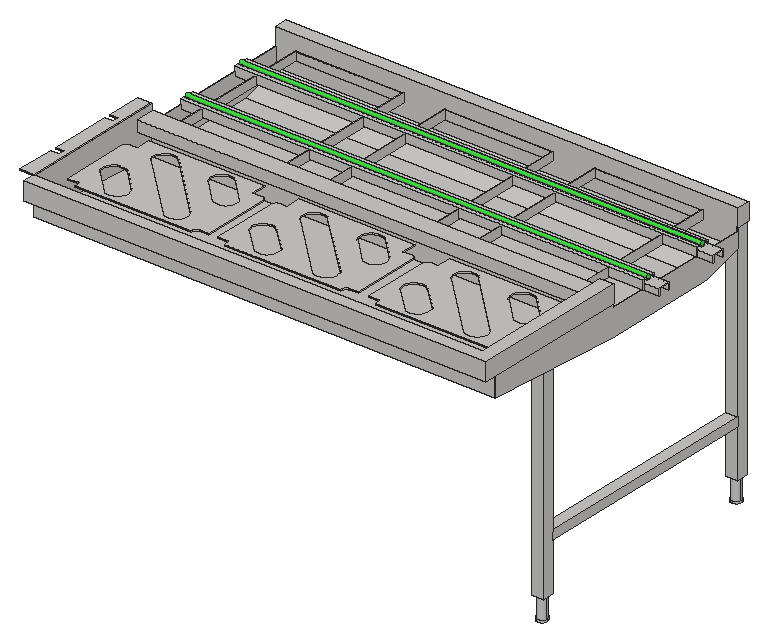
Revit family "QF_ELECTROLUXPROFESSIONAL_865472_HSASPT3LR", category Specialty Equipment, Revit 2018
Family settings
  Round Connector Dimension = Use Diameter
  Part Type = Normal
  Work Plane-Based = No
  Always vertical = Yes
  Cut with Voids When Loaded = No
  Shared = No
  Room Calculation Point = No
Parameters (values of type "Standard")
  Weight = 55.00 kg
  Watts = 0 W
  Volts = 0 V
  URL Manufacturer = "http://professional.electrolux.com"
  URL = "http://professional.electrolux.com"
  Steam Supply Size = 0 mm
  Steam Supply Minimum Pressure = 0.0 Pa
  Steam Supply Maximum Pressure = 0.0 Pa
  Steam Pounds per Hour = 0
  Refrigeration Suction Line Size = 0 mm
  Refrigeration Liquid Line Size = 0 mm
  Refrigerant Compressor Remote = yes
  Manufacturer = "Electrolux Professional"
  Phase = 0
  Model = "HSASPT3LR"
  Length Actual = 1620 mm  # constant formula
  Item Number = "865472"
  Hot Water Size = 0 mm
  Height Actual = 910 mm  # constant formula
  HP = "0 HP"
  Gas Size = 0 mm
  Gas KW = 0
  Gas Input Pressure = 0 W
  Description = "AUTOMATIC SORTING TABLE, PASS-THROUGH 3 BASKETS, LEFT>RIGHT, 1620 MM"
  Depth Actual = 1110 mm  # constant formula
  Cycle = 0 Hz
  Condensate Return Size = 0 mm
  Compressed Air Volume = 0.0 L/s
  Compressed Air Size = 0 mm
  Compressed Air Pressure = 0.0 Pa
  Cold Water Size = 0 mm
  Accessory = yes
Reference planes
  plane 1: z = 0
  plane 2 "RIGHT": x = 258.3
  plane 3: z = 910
  plane 4: z = 0
  plane 5: z = 270
  plane 6 "BACK": y = 310
  plane 7 "FRONT": y = -810
  plane 8 "LEFT": x = -1318
  plane 9 "Center": y = 0
  plane 10: x = -551.7
  plane 11: y = 0
  plane 12: y = 94.393
  plane 13: y = 134.393
  plane 14: x = 352.133
  plane 15: x = -1364.7
  plane 16: x = 212
Forms (mm)
  Extrusion 1, solid, material "QF_Finishes_Stainless Steel"
    sketch origin (0, 0, 0) x (-1, 0, 0) y (0, -1, 0)
      loop
        line (1318, 810) -> (-258.3, 810) -> (-258.3, 265) -> (-212, 265) -> (-212, 765) -> (1318, 765) -> (1318, 810)
      loop
        line (1318, -265) -> (-258.3, -265) -> (-258.3, -310) -> (1318, -310) -> (1318, -265)
    from 850.091 to 910
  Extrusion 2, solid, material "QF_Finishes_Stainless Steel"
    sketch origin (0, 0, 0) x (0, 1, 0) y (0, 0, -1)
      loop
        line (-267.466, -747.061) -> (-267.466, -850.091) -> (-265, -850.091) -> (-265, -750.061) -> (133.969, -750.061) -> (265, -787.853) -> (265, -850.091) -> (266.249, -850.091) -> (266.249, -785.091) -> (134.393, -747.061) -> (-267.466, -747.061)
    from -257.022 to 1318
  Revolve 3, solid, material "QF_Finishes_Stainless Steel"
    sketch origin (-551.7, 0.526, -114.277) x (-1, 0, 0) y (0, 0, -1)
      loop
        line (76.494, -861.337) -> (76.494, -847.59)
        arc (76.494, -847.59) -> (75.89, -845.987) -> (74.39, -845.16) r 2.474
        arc (74.39, -845.16) -> (71.083, -841.301) -> (74.377, -837.43) r 3.913
        arc (74.377, -837.43) -> (75.887, -836.598) -> (76.494, -834.985) r 2.49
        line (76.494, -834.985) -> (76.494, -794.661)
        arc (76.494, -794.661) -> (65.844, -763.962) -> (38.457, -746.476) r 49.516
        line (38.457, -746.476) -> (38.457, -743.987) -> (37.25, -742.336) -> (37.25, -740.749) -> (23.47, -734.749) -> (23.47, -698.838) -> (21.946, -697.377) -> (0, -697.377) -> (0, -861.337) -> (76.494, -861.337)
      axis (0, -861.337) -> (0, -697.377)
    angle from 0 to 360
  Extrusion 4, solid, material "QF_Finishes_Stainless Steel"
    sketch origin (0, 0, 0) x (-1, 0, 0) y (0, -1, 0)
      loop
        line (-212, 330.124) -> (-212, 265) -> (1316, 265) -> (1316, 330.124) -> (-212, 330.124)
    from 850.091 to 888.506
  Extrusion 5, solid, material "QF_Finishes_Stainless Steel"
    sketch origin (258.3, 0, 0) x (0, 1, 0) y (0, 0, 1)
      loop
        line (134.393, 747.061) -> (266.249, 785.091) -> (266.249, 850.091) -> (265, 850.091) -> (265, 836.936) -> (-267.466, 836.936) -> (-267.466, 747.061) -> (134.393, 747.061)
    from 0 to -2
  Extrusion 6, solid, material "QF_Finishes_Stainless Steel"
    sketch origin (-1065.978, 0.054, -628.981) x (1, 0, 0) y (0, 1, 0)
      loop
        line (1283, 266.195) -> (1283, -521.792) -> (1323, -521.792) -> (1323, 266.195) -> (1283, 266.195)
    from 869.081 to 898.981
  Extrusion 7, solid, material "QF_Finishes_Stainless Steel"
    sketch origin (-1318, 0, 0) x (0, 1, 0) y (0, 0, -1)
      loop
        line (134.393, -747.061) -> (-265, -747.061) -> (-265, -850.091) -> (265, -850.091) -> (266.249, -850.091) -> (266.249, -785.091) -> (134.393, -747.061)
    from 0 to -2
  Extrusion 8, solid, material "QF_Finishes_Stainless Steel"
    sketch origin (258.3, 0, 0) x (0, 1, 0) y (0, 0, 1)
      loop
        line (94.393, 836.936) -> (94.393, 856.936) -> (134.393, 856.936) -> (134.393, 836.936) -> (136.393, 836.936) -> (136.393, 858.936) -> (92.393, 858.936) -> (92.393, 836.936) -> (94.393, 836.936)
    from -1574.3 to 53.111
  Extrusion 9, solid, material "QF_Finishes_Stainless Steel"
    sketch origin (258.3, 0, 0) x (0, 1, 0) y (0, 0, 1)
      loop
        line (92.393, 836.936) -> (92.393, 866.936) -> (102.393, 866.936) -> (110.393, 858.936) -> (118.393, 858.936) -> (126.393, 866.936) -> (136.393, 866.936) -> (136.393, 836.936) -> (138.393, 836.936) -> (138.393, 868.936) -> (125.565, 868.936) -> (117.565, 860.936) -> (111.221, 860.936) -> (103.221, 868.936) -> (90.393, 868.936) -> (90.393, 836.936) -> (92.393, 836.936)
    from -1574.3 to 0
  Extrusion 10, solid, material "QF_Finishes_Stainless Steel"
    sketch origin (258.3, -230, 0) x (0, 1, 0) y (0, 0, 1)
      loop
        line (94.393, 836.936) -> (94.393, 856.936) -> (134.393, 856.936) -> (134.393, 836.936) -> (136.393, 836.936) -> (136.393, 858.936) -> (92.393, 858.936) -> (92.393, 836.936) -> (94.393, 836.936)
    from -1574.3 to 53.111
  Extrusion 11, solid, material "QF_Finishes_Stainless Steel"
    sketch origin (258.3, -230, 0) x (0, 1, 0) y (0, 0, 1)
      loop
        line (92.393, 836.936) -> (92.393, 866.936) -> (102.393, 866.936) -> (110.393, 858.936) -> (118.393, 858.936) -> (126.393, 866.936) -> (136.393, 866.936) -> (136.393, 836.936) -> (138.393, 836.936) -> (138.393, 868.936) -> (125.565, 868.936) -> (117.565, 860.936) -> (111.221, 860.936) -> (103.221, 868.936) -> (90.393, 868.936) -> (90.393, 836.936) -> (92.393, 836.936)
    from -1574.3 to 0
  Sweep 12, solid, material "QF_Finishes_Green"
    path origin (301.022, -109.42, 875.352) x (0, 0.0016, 0.999999) y (-1, 0, 0)
      loop
        line (-6.295, 42.722) -> (-6.295, 1617.022)
    profile origin (-528.85, -109.431, 869.057) x (0, -0.0016, -0.999999) y (0, -0.999999, 0.0016)
      loop
        circle (1.513, 6.483) r 6.399
  Sweep 13, solid, material "QF_Finishes_Green"
    path origin (301.022, 120.58, 875.352) x (0, 0.0016, 0.999999) y (-1, 0, 0)
      loop
        line (-6.295, 42.722) -> (-6.295, 1617.022)
    profile origin (-528.85, 120.569, 869.057) x (0, -0.0016, -0.999999) y (0, -0.999999, 0.0016)
      loop
        circle (1.513, 6.483) r 6.399
  Extrusion 14, solid, material "QF_Finishes_Stainless Steel"
    sketch origin (-45, 0, 0) x (1, 0, 0) y (0, 1, 0)
      loop
        line (-662.58, -265) -> (-662.58, -262) -> (-691.789, -262) -> (-691.789, 262) -> (-330.015, 262) -> (-330.015, -262) -> (-359.388, -262) -> (-359.388, -265) -> (-327.015, -265) -> (-327.015, 265) -> (-694.789, 265) -> (-694.789, -265) -> (-662.58, -265)
    from 831.234 to 860.936
  Extrusion 15, solid, material "QF_Finishes_Stainless Steel"
    sketch origin (465, 0, 0) x (1, 0, 0) y (0, 1, 0)
      loop
        line (-662.58, -265) -> (-662.58, -262) -> (-691.789, -262) -> (-691.789, 262) -> (-330.015, 262) -> (-330.015, -262) -> (-359.388, -262) -> (-359.388, -265) -> (-327.015, -265) -> (-327.015, 265) -> (-694.789, 265) -> (-694.789, -265) -> (-662.58, -265)
    from 831.234 to 860.936
  Extrusion 16, solid, material "QF_Finishes_Stainless Steel"
    sketch origin (258.3, 0, 0) x (0, 1, 0) y (0, 0, 1)
      loop
        line (-767.81, 850.091) -> (-767.81, 782.048) -> (-267.466, 747.061) -> (-267.466, 850.091) -> (-270.466, 850.091) -> (-270.466, 750.278) -> (-765, 784.859) -> (-765, 850.091) -> (-767.81, 850.091)
    from -1576.3 to -2
  Extrusion 17, solid, material "QF_Finishes_Stainless Steel"
    sketch origin (-1360.022, 0, 0) x (0, 1, 0) y (0, 0, -1)
      loop
        line (-767.81, -907) -> (-265, -907) -> (-265, -746.888) -> (-767.81, -782.048) -> (-767.81, -907)
    from -42.022 to -44.022
  Extrusion 18, solid, material "QF_Finishes_Stainless Steel"
    sketch origin (-45.625, 0, 842.5) x (1, 0, 0) y (0, 1, 0)
      loop
        line (-1220.383, -339.221) -> (-1220.383, -389.221) -> (-1240.383, -389.221)
        arc (-1240.383, -389.221) -> (-1254.525, -395.078) -> (-1260.383, -409.221) r 20
        line (-1260.383, -409.221) -> (-1260.383, -634.221) -> (-1230.383, -634.221)
        arc (-1230.383, -634.221) -> (-1223.312, -637.149) -> (-1220.383, -644.221) r 10
        line (-1220.383, -644.221) -> (-1220.383, -654.221) -> (-825.383, -654.221) -> (-825.383, -649.221)
        arc (-825.383, -649.221) -> (-820.989, -638.614) -> (-810.383, -634.221) r 15
        line (-810.383, -634.221) -> (-780.383, -634.221) -> (-780.383, -404.221)
        arc (-780.383, -404.221) -> (-784.776, -393.614) -> (-795.383, -389.221) r 15
        line (-795.383, -389.221) -> (-825.383, -389.221) -> (-825.383, -339.221) -> (-1220.383, -339.221)
      loop
        line (-1214.7, -558.44) -> (-1138.92, -634.221)
        arc (-1138.92, -634.221) -> (-1092.336, -627.771) -> (-1085.887, -581.188) r 38.966
        line (-1085.887, -581.188) -> (-1161.667, -505.407)
        arc (-1161.667, -505.407) -> (-1214.7, -505.407) -> (-1214.7, -558.44) r 37.5
      loop
        line (-1146.92, -425.368) -> (-943.092, -629.196)
        arc (-943.092, -629.196) -> (-895.135, -629.379) -> (-883.322, -582.9) r 38.966
        line (-883.322, -582.9) -> (-1093.887, -372.335)
        arc (-1093.887, -372.335) -> (-1146.92, -372.335) -> (-1146.92, -425.368) r 37.5
      loop
        line (-956.718, -418.538) -> (-880.938, -494.319)
        arc (-880.938, -494.319) -> (-834.354, -487.869) -> (-827.905, -441.286) r 38.966
        line (-827.905, -441.286) -> (-903.685, -365.505)
        arc (-903.685, -365.505) -> (-956.718, -365.505) -> (-956.718, -418.538) r 37.5
    from 0 to 3
  Extrusion 19, solid, material "QF_Finishes_Stainless Steel"
    sketch origin (464.375, 0, 842.5) x (1, 0, 0) y (0, 1, 0)
      loop
        line (-1220.383, -339.221) -> (-1220.383, -389.221) -> (-1240.383, -389.221)
        arc (-1240.383, -389.221) -> (-1254.525, -395.078) -> (-1260.383, -409.221) r 20
        line (-1260.383, -409.221) -> (-1260.383, -634.221) -> (-1230.383, -634.221)
        arc (-1230.383, -634.221) -> (-1223.312, -637.149) -> (-1220.383, -644.221) r 10
        line (-1220.383, -644.221) -> (-1220.383, -654.221) -> (-825.383, -654.221) -> (-825.383, -649.221)
        arc (-825.383, -649.221) -> (-820.989, -638.614) -> (-810.383, -634.221) r 15
        line (-810.383, -634.221) -> (-780.383, -634.221) -> (-780.383, -404.221)
        arc (-780.383, -404.221) -> (-784.776, -393.614) -> (-795.383, -389.221) r 15
        line (-795.383, -389.221) -> (-825.383, -389.221) -> (-825.383, -339.221) -> (-1220.383, -339.221)
      loop
        line (-1214.7, -558.44) -> (-1138.92, -634.221)
        arc (-1138.92, -634.221) -> (-1092.336, -627.771) -> (-1085.887, -581.188) r 38.966
        line (-1085.887, -581.188) -> (-1161.667, -505.407)
        arc (-1161.667, -505.407) -> (-1214.7, -505.407) -> (-1214.7, -558.44) r 37.5
      loop
        line (-1146.92, -425.368) -> (-943.092, -629.196)
        arc (-943.092, -629.196) -> (-895.135, -629.379) -> (-883.322, -582.9) r 38.966
        line (-883.322, -582.9) -> (-1093.887, -372.335)
        arc (-1093.887, -372.335) -> (-1146.92, -372.335) -> (-1146.92, -425.368) r 37.5
      loop
        line (-956.718, -418.538) -> (-880.938, -494.319)
        arc (-880.938, -494.319) -> (-834.354, -487.869) -> (-827.905, -441.286) r 38.966
        line (-827.905, -441.286) -> (-903.685, -365.505)
        arc (-903.685, -365.505) -> (-956.718, -365.505) -> (-956.718, -418.538) r 37.5
    from 0 to 3
  Extrusion 20, solid, material "QF_Finishes_Stainless Steel"
    sketch origin (979.375, 0, 842.5) x (1, 0, 0) y (0, 1, 0)
      loop
        line (-1220.383, -339.221) -> (-1220.383, -389.221) -> (-1240.383, -389.221)
        arc (-1240.383, -389.221) -> (-1254.525, -395.078) -> (-1260.383, -409.221) r 20
        line (-1260.383, -409.221) -> (-1260.383, -634.221) -> (-1230.383, -634.221)
        arc (-1230.383, -634.221) -> (-1223.312, -637.149) -> (-1220.383, -644.221) r 10
        line (-1220.383, -644.221) -> (-1220.383, -654.221) -> (-825.383, -654.221) -> (-825.383, -649.221)
        arc (-825.383, -649.221) -> (-820.989, -638.614) -> (-810.383, -634.221) r 15
        line (-810.383, -634.221) -> (-780.383, -634.221) -> (-780.383, -404.221)
        arc (-780.383, -404.221) -> (-784.776, -393.614) -> (-795.383, -389.221) r 15
        line (-795.383, -389.221) -> (-825.383, -389.221) -> (-825.383, -339.221) -> (-1220.383, -339.221)
      loop
        line (-1214.7, -558.44) -> (-1138.92, -634.221)
        arc (-1138.92, -634.221) -> (-1092.336, -627.771) -> (-1085.887, -581.188) r 38.966
        line (-1085.887, -581.188) -> (-1161.667, -505.407)
        arc (-1161.667, -505.407) -> (-1214.7, -505.407) -> (-1214.7, -558.44) r 37.5
      loop
        line (-1146.92, -425.368) -> (-943.092, -629.196)
        arc (-943.092, -629.196) -> (-895.135, -629.379) -> (-883.322, -582.9) r 38.966
        line (-883.322, -582.9) -> (-1093.887, -372.335)
        arc (-1093.887, -372.335) -> (-1146.92, -372.335) -> (-1146.92, -425.368) r 37.5
      loop
        line (-956.718, -418.538) -> (-880.938, -494.319)
        arc (-880.938, -494.319) -> (-834.354, -487.869) -> (-827.905, -441.286) r 38.966
        line (-827.905, -441.286) -> (-903.685, -365.505)
        arc (-903.685, -365.505) -> (-956.718, -365.505) -> (-956.718, -418.538) r 37.5
    from 0 to 3
  Extrusion 21, solid, material "QF_Finishes_Stainless Steel"
    sketch origin (-555, 0, 0) x (1, 0, 0) y (0, 1, 0)
      loop
        line (-662.58, -265) -> (-662.58, -262) -> (-691.789, -262) -> (-691.789, 262) -> (-330.015, 262) -> (-330.015, -262) -> (-359.388, -262) -> (-359.388, -265) -> (-327.015, -265) -> (-327.015, 265) -> (-694.789, 265) -> (-694.789, -265) -> (-662.58, -265)
    from 831.234 to 860.936
  Extrusion 22, solid, material "QF_Finishes_Stainless Steel"
    sketch origin (-1020, -500, 907) x (-1, 0, 0) y (0, -1, 0)
      loop
        line (298, 265) -> (298, -235) -> (344.7, -235) -> (344.7, -114.876) -> (315, -114.876) -> (315, -94.876) -> (344.7, -94.876) -> (344.7, 115) -> (315, 115) -> (315, 135) -> (344.7, 135) -> (344.7, 265) -> (298, 265)
    from 0 to 3
  Extrusion 23, solid, material "QF_Finishes_Stainless Steel"
    sketch origin (298.3, 0, 0) x (0, 1, 0) y (0, 0, 1)
      loop
        line (-767.81, 850.091) -> (-767.81, 782.048) -> (-267.466, 747.061) -> (-267.466, 850.091) -> (-767.81, 850.091)
    from -40 to -42
  Extrusion 24, solid, material "QF_Finishes_Stainless Steel"
    sketch origin (-45, 0, 0) x (1, 0, 0) y (0, 1, 0)
      loop
        line (-662.58, -265) -> (-662.58, -262) -> (-691.789, -262) -> (-691.789, 262) -> (-330.015, 262) -> (-330.015, -262) -> (-359.388, -262) -> (-359.388, -265) -> (-327.015, -265) -> (-327.015, 265) -> (-694.789, 265) -> (-694.789, -265) -> (-662.58, -265)
    from 831.234 to 860.936
  Extrusion 25, solid, material "QF_Finishes_Stainless Steel"
    sketch origin (465, 0, 0) x (1, 0, 0) y (0, 1, 0)
      loop
        line (-662.58, -265) -> (-662.58, -262) -> (-691.789, -262) -> (-691.789, 262) -> (-330.015, 262) -> (-330.015, -262) -> (-359.388, -262) -> (-359.388, -265) -> (-327.015, -265) -> (-327.015, 265) -> (-694.789, 265) -> (-694.789, -265) -> (-662.58, -265)
    from 831.234 to 860.936
Cuts and joins
  joined: Extrusion 1, Extrusion 2, Extrusion 7, Extrusion 16, Extrusion 17
  joined: Extrusion 5, Extrusion 23
Lines and regions (mm)
  Split face 1
    outline origin (1233.296, 161.279, 750.061) x (-1, 0, 0) y (0, -1, 0)
      loop
        circle (1785, 161.279) r 76.496
  Split face 2
    outline origin (1233.296, 161.279, 750.061) x (-1, 0, 0) y (0, -1, 0)
      loop
        circle (1785, 161.279) r 56.496
  Split face 3
    outline origin (1233.296, 161.279, 750.061) x (-1, 0, 0) y (0, -1, 0)
      loop
        circle (1785, 161.279) r 36.496
  Split face 4
    outline origin (1233.296, 161.279, 750.061) x (-1, 0, 0) y (0, -1, 0)
      loop
        circle (1785, 161.279) r 16.496
  symbolic lines
    curve 1: line (-1318, 310, 0) -> (258.3, 310, 0)
    curve 2: line (-1318, 265, 0) -> (-1318, 310, 0)
    curve 3: line (258.3, 265, 0) -> (-1318, 265, 0)
    curve 4: line (258.3, 310, 0) -> (258.3, 265, 0)
    curve 5: line (-1318, 265, 0) -> (-1318, -265, 0)
    curve 6: line (-1318, -265, 0) -> (-1364.7, -265, 0)
    curve 7: line (-1364.7, -265, 0) -> (-1364.7, -385.124, 0)
    curve 8: line (-1364.7, -385.124, 0) -> (-1335, -385.124, 0)
    curve 9: line (-1335, -385.124, 0) -> (-1335, -405.124, 0)
    curve 10: line (-1335, -405.124, 0) -> (-1364.7, -405.124, 0)
    curve 11: line (-1364.7, -405.124, 0) -> (-1364.7, -615, 0)
    curve 12: line (-1364.7, -615, 0) -> (-1335, -615, 0)
    curve 13: line (-1335, -615, 0) -> (-1335, -635, 0)
    curve 14: line (-1335, -635, 0) -> (-1364.7, -635, 0)
    curve 15: line (-1364.7, -635, 0) -> (-1364.7, -765, 0)
    curve 16: line (-1364.7, -765, 0) -> (-1318, -765, 0)
    curve 17: line (-1318, -765, 0) -> (-1318, -810, 0)
    curve 18: line (-1318, -810, 0) -> (258.3, -810, 0)
    curve 19: line (258.3, -810, 0) -> (258.3, -265, 0)
    curve 20: line (258.3, -265, 0) -> (212, -265, 0)
    curve 21: line (212, -265, 0) -> (212, -765, 0)
    curve 22: line (212, -765, 0) -> (-1318, -765, 0)
    curve 23: line (-1318, -765, 0) -> (-1318, -265, 0)
    curve 24: line (-1318, -265, 0) -> (212, -265, 0)
    curve 25: line (212, -330.124, 0) -> (-1318, -330.124, 0)
    curve 26: line (258.3, 138.393, 0) -> (-1318, 138.393, 0)
    curve 27: line (-1318, 125.565, 0) -> (258.3, 125.565, 0)
    curve 28: line (-1318, 90.393, 0) -> (258.3, 90.393, 0)
    curve 29: line (-1318, 103.221, 0) -> (258.3, 103.221, 0)
    curve 30: line (258.3, -91.607, 0) -> (-1318, -91.607, 0)
    curve 31: line (-1318, -139.607, 0) -> (258.3, -139.607, 0)
    curve 32: line (-1318, -126.779, 0) -> (258.3, -126.779, 0)
    curve 33: line (-1318, -104.435, 0) -> (258.3, -104.435, 0)
    curve 34: arc (-475.208, 0, 0) -> (-551.704, -76.496, 0) -> (-628.2, 0, 0) r 76.496
    curve 35: arc (-628.2, 0, 0) -> (-551.704, 76.496, 0) -> (-475.208, 0, 0) r 76.496
    curve 36: arc (-495.208, 0, 0) -> (-551.704, 56.496, 0) -> (-608.2, 0, 0) r 56.496
    curve 37: arc (-608.2, 0, 0) -> (-551.704, -56.496, 0) -> (-495.208, 0, 0) r 56.496
    curve 38: arc (-588.2, 0, 0) -> (-551.704, -36.496, 0) -> (-515.208, 0, 0) r 36.496
    curve 39: arc (-515.208, 0, 0) -> (-551.704, 36.496, 0) -> (-588.2, 0, 0) r 36.496
    curve 40: arc (-568.2, 0, 0) -> (-551.704, -16.496, 0) -> (-535.208, 0, 0) r 16.496
    curve 41: arc (-535.208, 0, 0) -> (-551.704, 16.496, 0) -> (-568.2, 0, 0) r 16.496
    curve 42: line (-1266.008, -339.221, 0) -> (-1266.008, -389.221, 0)
    curve 43: line (-1266.008, -389.221, 0) -> (-1286.008, -389.221, 0)
    curve 44: arc (-1286.008, -389.221, 0) -> (-1300.15, -395.078, 0) -> (-1306.008, -409.221, 0) r 20
    curve 45: line (-1306.008, -409.221, 0) -> (-1306.008, -634.221, 0)
    curve 46: line (-1306.008, -634.221, 0) -> (-1276.008, -634.221, 0)
    curve 47: arc (-1276.008, -634.221, 0) -> (-1268.937, -637.149, 0) -> (-1266.008, -644.221, 0) r 10
    curve 48: line (-1266.008, -644.221, 0) -> (-1266.008, -654.221, 0)
    curve 49: line (-1266.008, -654.221, 0) -> (-871.008, -654.221, 0)
    curve 50: line (-871.008, -654.221, 0) -> (-871.008, -649.221, 0)
    curve 51: arc (-871.008, -649.221, 0) -> (-866.614, -638.614, 0) -> (-856.008, -634.221, 0) r 15
    curve 52: line (-856.008, -634.221, 0) -> (-826.008, -634.221, 0)
    curve 53: line (-826.008, -634.221, 0) -> (-826.008, -404.221, 0)
    curve 54: arc (-826.008, -404.221, 0) -> (-830.401, -393.614, 0) -> (-841.008, -389.221, 0) r 15
    curve 55: line (-841.008, -389.221, 0) -> (-871.008, -389.221, 0)
    curve 56: line (-871.008, -389.221, 0) -> (-871.008, -339.221, 0)
    curve 57: line (-871.008, -339.221, 0) -> (-1266.008, -339.221, 0)
    curve 58: line (-756.008, -339.221, 0) -> (-756.008, -389.221, 0)
    curve 59: line (-756.008, -389.221, 0) -> (-776.008, -389.221, 0)
    curve 60: arc (-776.008, -389.221, 0) -> (-790.15, -395.078, 0) -> (-796.008, -409.221, 0) r 20
    curve 61: line (-796.008, -409.221, 0) -> (-796.008, -634.221, 0)
    curve 62: line (-796.008, -634.221, 0) -> (-766.008, -634.221, 0)
    curve 63: arc (-766.008, -634.221, 0) -> (-758.937, -637.149, 0) -> (-756.008, -644.221, 0) r 10
    curve 64: line (-756.008, -644.221, 0) -> (-756.008, -654.221, 0)
    curve 65: line (-756.008, -654.221, 0) -> (-361.008, -654.221, 0)
    curve 66: line (-361.008, -654.221, 0) -> (-361.008, -649.221, 0)
    curve 67: arc (-361.008, -649.221, 0) -> (-356.614, -638.614, 0) -> (-346.008, -634.221, 0) r 15
    curve 68: line (-346.008, -634.221, 0) -> (-316.008, -634.221, 0)
    curve 69: line (-316.008, -634.221, 0) -> (-316.008, -404.221, 0)
    curve 70: arc (-316.008, -404.221, 0) -> (-320.401, -393.614, 0) -> (-331.008, -389.221, 0) r 15
    curve 71: line (-331.008, -389.221, 0) -> (-361.008, -389.221, 0)
    curve 72: line (-361.008, -389.221, 0) -> (-361.008, -339.221, 0)
    curve 73: line (-361.008, -339.221, 0) -> (-756.008, -339.221, 0)
    curve 74: line (-241.008, -339.221, 0) -> (-241.008, -389.221, 0)
    curve 75: line (-241.008, -389.221, 0) -> (-261.008, -389.221, 0)
    curve 76: arc (-261.008, -389.221, 0) -> (-275.15, -395.078, 0) -> (-281.008, -409.221, 0) r 20
    curve 77: line (-281.008, -409.221, 0) -> (-281.008, -634.221, 0)
    curve 78: line (-281.008, -634.221, 0) -> (-251.008, -634.221, 0)
    curve 79: arc (-251.008, -634.221, 0) -> (-243.937, -637.149, 0) -> (-241.008, -644.221, 0) r 10
    curve 80: line (-241.008, -644.221, 0) -> (-241.008, -654.221, 0)
    curve 81: line (-241.008, -654.221, 0) -> (153.992, -654.221, 0)
    curve 82: line (153.992, -654.221, 0) -> (153.992, -649.221, 0)
    curve 83: arc (153.992, -649.221, 0) -> (158.386, -638.614, 0) -> (168.992, -634.221, 0) r 15
    curve 84: line (168.992, -634.221, 0) -> (198.992, -634.221, 0)
    curve 85: line (198.992, -634.221, 0) -> (198.992, -404.221, 0)
    curve 86: arc (198.992, -404.221, 0) -> (194.599, -393.614, 0) -> (183.992, -389.221, 0) r 15
    curve 87: line (183.992, -389.221, 0) -> (153.992, -389.221, 0)
    curve 88: line (153.992, -389.221, 0) -> (153.992, -339.221, 0)
    curve 89: line (153.992, -339.221, 0) -> (-241.008, -339.221, 0)
    curve 90: line (36.283, -629.196, 0) -> (-167.545, -425.368, 0)
    curve 91: arc (-167.545, -425.368, 0) -> (-167.545, -372.335, 0) -> (-114.512, -372.335, 0) r 37.5
    curve 92: line (-114.512, -372.335, 0) -> (96.053, -582.9, 0)
    curve 93: arc (96.053, -582.9, 0) -> (84.24, -629.379, 0) -> (36.283, -629.196, 0) r 38.966
    curve 94: arc (-235.325, -558.44, 0) -> (-235.325, -505.407, 0) -> (-182.292, -505.407, 0) r 37.5
    curve 95: line (-182.292, -505.407, 0) -> (-106.512, -581.188, 0)
    curve 96: arc (-106.512, -581.188, 0) -> (-112.961, -627.771, 0) -> (-159.545, -634.221, 0) r 38.966
    curve 97: line (-159.545, -634.221, 0) -> (-235.325, -558.44, 0)
    curve 98: line (98.437, -494.319, 0) -> (22.657, -418.538, 0)
    curve 99: arc (22.657, -418.538, 0) -> (22.657, -365.505, 0) -> (75.69, -365.505, 0) r 37.5
    curve 100: line (75.69, -365.505, 0) -> (151.47, -441.286, 0)
    curve 101: arc (151.47, -441.286, 0) -> (145.021, -487.869, 0) -> (98.437, -494.319, 0) r 38.966
    curve 102: line (-416.563, -494.319, 0) -> (-492.343, -418.538, 0)
    curve 103: arc (-492.343, -418.538, 0) -> (-492.343, -365.505, 0) -> (-439.31, -365.505, 0) r 37.5
    curve 104: line (-439.31, -365.505, 0) -> (-363.53, -441.286, 0)
    curve 105: arc (-363.53, -441.286, 0) -> (-369.979, -487.869, 0) -> (-416.563, -494.319, 0) r 38.966
    curve 106: line (-629.512, -372.335, 0) -> (-418.947, -582.9, 0)
    curve 107: arc (-418.947, -582.9, 0) -> (-430.76, -629.379, 0) -> (-478.717, -629.196, 0) r 38.966
    curve 108: line (-478.717, -629.196, 0) -> (-682.545, -425.368, 0)
    curve 109: arc (-682.545, -425.368, 0) -> (-682.545, -372.335, 0) -> (-629.512, -372.335, 0) r 37.5
    curve 110: line (-697.292, -505.407, 0) -> (-621.512, -581.188, 0)
    curve 111: arc (-621.512, -581.188, 0) -> (-627.961, -627.771, 0) -> (-674.545, -634.221, 0) r 38.966
    curve 112: line (-674.545, -634.221, 0) -> (-750.325, -558.44, 0)
    curve 113: arc (-750.325, -558.44, 0) -> (-750.325, -505.407, 0) -> (-697.292, -505.407, 0) r 37.5
    curve 114: line (-926.563, -494.319, 0) -> (-1002.343, -418.538, 0)
    curve 115: arc (-1002.343, -418.538, 0) -> (-1002.343, -365.505, 0) -> (-949.31, -365.505, 0) r 37.5
    curve 116: line (-949.31, -365.505, 0) -> (-873.53, -441.286, 0)
    curve 117: arc (-873.53, -441.286, 0) -> (-879.979, -487.869, 0) -> (-926.563, -494.319, 0) r 38.966
    curve 118: line (-1139.512, -372.335, 0) -> (-928.947, -582.9, 0)
    curve 119: arc (-928.947, -582.9, 0) -> (-940.76, -629.379, 0) -> (-988.717, -629.196, 0) r 38.966
    curve 120: line (-988.717, -629.196, 0) -> (-1192.545, -425.368, 0)
    curve 121: arc (-1192.545, -425.368, 0) -> (-1192.545, -372.335, 0) -> (-1139.512, -372.335, 0) r 37.5
    curve 122: line (-1207.292, -505.407, 0) -> (-1131.512, -581.188, 0)
    curve 123: arc (-1131.512, -581.188, 0) -> (-1137.961, -627.771, 0) -> (-1184.545, -634.221, 0) r 38.966
    curve 124: line (-1184.545, -634.221, 0) -> (-1260.325, -558.44, 0)
    curve 125: arc (-1260.325, -558.44, 0) -> (-1260.325, -505.407, 0) -> (-1207.292, -505.407, 0) r 37.5
    curve 126: line (-1217.58, -265, 0) -> (-1217.58, -262, 0)
    curve 127: line (-1217.58, -262, 0) -> (-1246.789, -262, 0)
    curve 128: line (-1246.789, -262, 0) -> (-1246.789, -139.607, 0)
    curve 129: line (-1246.789, -91.607, 0) -> (-1246.789, 90.393, 0)
    curve 130: line (-1246.789, 138.393, 0) -> (-1246.789, 262, 0)
    curve 131: line (-1246.789, 262, 0) -> (-885.015, 262, 0)
    curve 132: line (-885.015, 262, 0) -> (-885.015, 138.393, 0)
    curve 133: line (-885.015, 90.393, 0) -> (-885.015, -91.607, 0)
    curve 134: line (-885.015, -139.607, 0) -> (-885.015, -262, 0)
    curve 135: line (-885.015, -262, 0) -> (-914.388, -262, 0)
    curve 136: line (-914.388, -262, 0) -> (-914.388, -265, 0)
    curve 137: line (-882.015, -265, 0) -> (-882.015, -139.607, 0)
    curve 138: line (-882.015, -91.607, 0) -> (-882.015, 90.393, 0)
    curve 139: line (-882.015, 138.393, 0) -> (-882.015, 265, 0)
    curve 140: line (-1249.789, 265, 0) -> (-1249.789, 138.393, 0)
    curve 141: line (-1249.789, 90.393, 0) -> (-1249.789, -91.607, 0)
    curve 142: line (-1249.789, -139.607, 0) -> (-1249.789, -265, 0)
    curve 143: line (-707.58, -265, 0) -> (-707.58, -262, 0)
    curve 144: line (-707.58, -262, 0) -> (-736.789, -262, 0)
    curve 145: line (-736.789, -262, 0) -> (-736.789, -139.607, 0)
    curve 146: line (-736.789, -91.607, 0) -> (-736.789, 90.393, 0)
    curve 147: line (-736.789, 138.393, 0) -> (-736.789, 262, 0)
    curve 148: line (-736.789, 262, 0) -> (-375.015, 262, 0)
    curve 149: line (-375.015, 262, 0) -> (-375.015, 138.393, 0)
    curve 150: line (-375.015, 90.393, 0) -> (-375.015, -91.607, 0)
    curve 151: line (-375.015, -139.607, 0) -> (-375.015, -262, 0)
    curve 152: line (-375.015, -262, 0) -> (-404.388, -262, 0)
    curve 153: line (-404.388, -262, 0) -> (-404.388, -265, 0)
    curve 154: line (-372.015, -265, 0) -> (-372.015, -139.607, 0)
    curve 155: line (-372.015, -91.607, 0) -> (-372.015, 90.393, 0)
    curve 156: line (-372.015, 138.393, 0) -> (-372.015, 265, 0)
    curve 157: line (-739.789, 265, 0) -> (-739.789, 138.393, 0)
    curve 158: line (-739.789, 90.393, 0) -> (-739.789, -91.607, 0)
    curve 159: line (-739.789, -139.607, 0) -> (-739.789, -265, 0)
    curve 160: line (-197.58, -265, 0) -> (-197.58, -262, 0)
    curve 161: line (-197.58, -262, 0) -> (-226.789, -262, 0)
    curve 162: line (-226.789, -262, 0) -> (-226.789, -139.607, 0)
    curve 163: line (-226.789, -91.607, 0) -> (-226.789, 90.393, 0)
    curve 164: line (-226.789, 138.393, 0) -> (-226.789, 262, 0)
    curve 165: line (-226.789, 262, 0) -> (134.985, 262, 0)
    curve 166: line (134.985, 262, 0) -> (134.985, 138.393, 0)
    curve 167: line (134.985, 90.393, 0) -> (134.985, -91.607, 0)
    curve 168: line (134.985, -139.607, 0) -> (134.985, -262, 0)
    curve 169: line (134.985, -262, 0) -> (105.612, -262, 0)
    curve 170: line (105.612, -262, 0) -> (105.612, -265, 0)
    curve 171: line (137.985, -265, 0) -> (137.985, -139.607, 0)
    curve 172: line (137.985, -91.607, 0) -> (137.985, 90.393, 0)
    curve 173: line (137.985, 138.393, 0) -> (137.985, 265, 0)
    curve 174: line (-229.789, 265, 0) -> (-229.789, 138.393, 0)
    curve 175: line (-229.789, 90.393, 0) -> (-229.789, -91.607, 0)
    curve 176: line (-229.789, -139.607, 0) -> (-229.789, -265, 0)
    curve 177: line (258.3, 136.393, 0) -> (311.411, 136.393, 0)
    curve 178: line (311.411, 136.393, 0) -> (311.411, 92.393, 0)
    curve 179: line (311.411, 92.393, 0) -> (258.3, 92.393, 0)
    curve 180: line (258.3, -93.607, 0) -> (311.411, -93.607, 0)
    curve 181: line (311.411, -93.607, 0) -> (311.411, -137.607, 0)
    curve 182: line (311.411, -137.607, 0) -> (258.3, -137.607, 0)
    curve 183: line (258.3, -122.315, 0) -> (-1316, -122.315, 0)
    curve 184: line (-1316, -109.516, 0) -> (258.3, -109.516, 0)
    curve 185: line (-1316, -122.315, 0) -> (-1316, -109.516, 0)
    curve 186: line (-1316, 120.484, 0) -> (258.3, 120.484, 0)
    curve 187: line (-1316, 107.685, 0) -> (-1316, 120.484, 0)
    curve 188: line (258.3, 107.685, 0) -> (-1316, 107.685, 0)
    curve 189: line (258.3, -265, 0) -> (258.3, 265, 0)
    curve 190: line (258.3, 0, 0) -> (228.3, 0, 0)
    curve 191: line (-1318, 0, 0) -> (-1288, 0, 0)
Dimensions and locks
  plane 3 to level = 910 mm
  plane 15 to plane 2 "RIGHT" = 1623 mm
  plane 6 "BACK" to plane 7 "FRONT" = 1120 mm
  plane 11 to plane 7 "FRONT" = 810 mm
  plane 8 "LEFT" to plane 10 = 766.3 mm
  plane 8 "LEFT" to Extrusion 1 = 1576.3 mm
  plane 8 "LEFT" to plane 16 = 1530 mm
  Extrusion 1 to Extrusion 1 = 1030 mm
  plane 3 to plane 5 = 640 mm
  plane 10 to plane 2 "RIGHT" = 810 mm
  plane 11 to plane 6 "BACK" = 310 mm
  aligned and locked: level to plane 1
Nested families
  nested 1: "Foot_40x40" at (237.022, -541.738, 0) x (-1, 0, 0) z (0, 0, 1), type "Foot_40x40"
    with A 850.091 mm
  nested 2: "Foot_40x40" at (237.022, 286.249, 0) x (-1, 0, 0) z (0, 0, 1), type "Foot_40x40"
    with A 850.091 mm
Connectors
  piping at (-551.7, 0.526, 583.1), diameter 40
    settings: on Revolve 3, index 1, connector inside diameter 609.6 mm, connector length 0 mm, flow factor 0, pipe flow 0.0 L/s, pressure drop 0.0 Pa, fitting loss kfactor 0, connector angle 0.00°, fixture units 0, engagement length 0 mm, angle of deflection 0.00°, flow configuration 1, flow direction 2, fitting loss method 0, system type 7, joint type 0, gender type 0, connector reference index -1, connector utility 0, adjustable connector no, is connector primary yes, connector description "DRAIN"
Definition of nested family "Foot_40x40"
  Parameters
    A [instance] = 850 mm
  Reference planes
    plane 1 "Centro (Fronte/Retro)": y = 0
    plane 2: z = 0
    plane 3 "Centro (Sinistra/Destra)": x = 0
    plane 4: z = 850
  Forms (mm)
    Extrusion 1, solid
      sketch origin (0, 0, 0) x (1, 0, 0) y (0, 1, 0)
        loop
          circle (0, 0) r 18
      from 0 to 5
    Extrusion 2, solid
      sketch origin (0, 0, 5) x (1, 0, 0) y (0, 1, 0)
        loop
          circle (0, 0) r 15
      from 0 to 70
    Extrusion 3, solid
      sketch origin (0, 0, 75) x (1, 0, 0) y (0, 1, 0)
        loop
          line (-20, 20) -> (-20, -20) -> (20, -20) -> (20, 20) -> (-20, 20)
      from 0 to 775
  Dimensions and locks
    "A": plane 4 to plane 2
    aligned and locked: level to plane 2
    aligned and locked: plane 4 to Extrusion 3
    aligned and locked: Extrusion 1 to level
  Automatic sketch dimensions
    plane 1 "Centro (Fronte/Retro)" to Extrusion 1 sketch curve = 0 mm
    Extrusion 1 sketch curve to plane 3 "Centro (Sinistra/Destra)" = 0 mm
    Extrusion 3 sketch curve to Extrusion 3 sketch curve = 40 mm  (x2)
    radius of Extrusion 1 sketch curve = 18 mm
    radius of Extrusion 2 sketch curve to Extrusion 1 = 3 mm
